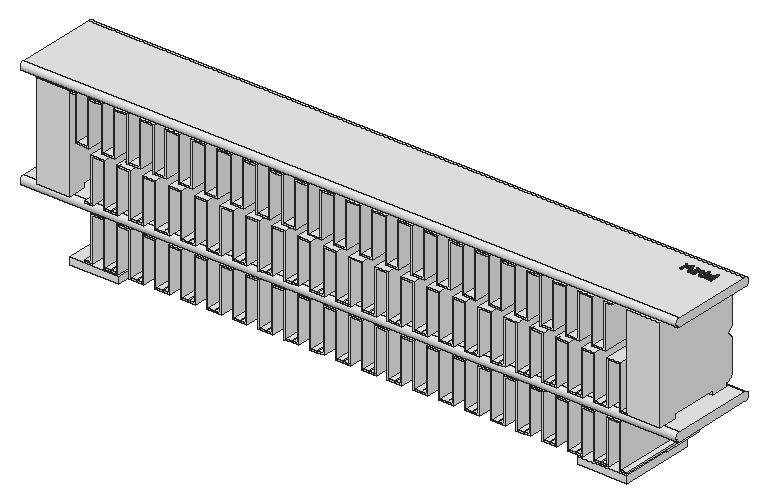
Revit family "Runtal-R3F-1", category Mechanical Equipment, host Face, Revit 2024 (continued)
Definition of nested family "Family Grilles"
  Lines and regions (mm)
    model lines
      curve 393: circle (223.52, 1.27, 0) r 1.27 normal (0, 0, 1)
      curve 394: circle (228.6, 19.05, 0) r 1.27 normal (0, 0, 1)
      curve 395: circle (228.6, 10.16, 0) r 1.27 normal (0, 0, 1)
      curve 396: circle (228.6, 1.27, 0) r 1.27 normal (0, 0, 1)
      curve 397: circle (233.68, 19.05, 0) r 1.27 normal (0, 0, 1)
      curve 398: circle (233.68, 10.16, 0) r 1.27 normal (0, 0, 1)
      curve 399: circle (233.68, 1.27, 0) r 1.27 normal (0, 0, 1)
      curve 400: circle (238.76, 19.05, 0) r 1.27 normal (0, 0, 1)
      curve 401: circle (238.76, 10.16, 0) r 1.27 normal (0, 0, 1)
      curve 402: circle (238.76, 1.27, 0) r 1.27 normal (0, 0, 1)
      curve 403: circle (243.84, 19.05, 0) r 1.27 normal (0, 0, 1)
      curve 404: circle (243.84, 10.16, 0) r 1.27 normal (0, 0, 1)
      curve 405: circle (243.84, 1.27, 0) r 1.27 normal (0, 0, 1)
      curve 406: circle (248.92, 19.05, 0) r 1.27 normal (0, 0, 1)
      curve 407: circle (248.92, 10.16, 0) r 1.27 normal (0, 0, 1)
      curve 408: circle (248.92, 1.27, 0) r 1.27 normal (0, 0, 1)
      curve 409: circle (254, 19.05, 0) r 1.27 normal (0, 0, 1)
      curve 410: circle (254, 10.16, 0) r 1.27 normal (0, 0, 1)
      curve 411: circle (254, 1.27, 0) r 1.27 normal (0, 0, 1)
      curve 412: circle (259.08, 19.05, 0) r 1.27 normal (0, 0, 1)
      curve 413: circle (259.08, 10.16, 0) r 1.27 normal (0, 0, 1)
      curve 414: circle (259.08, 1.27, 0) r 1.27 normal (0, 0, 1)
      curve 415: circle (264.16, 19.05, 0) r 1.27 normal (0, 0, 1)
      curve 416: circle (264.16, 10.16, 0) r 1.27 normal (0, 0, 1)
      curve 417: circle (264.16, 1.27, 0) r 1.27 normal (0, 0, 1)
      curve 418: circle (269.24, 19.05, 0) r 1.27 normal (0, 0, 1)
      curve 419: circle (269.24, 10.16, 0) r 1.27 normal (0, 0, 1)
      curve 420: circle (269.24, 1.27, 0) r 1.27 normal (0, 0, 1)
      curve 421: circle (274.32, 19.05, 0) r 1.27 normal (0, 0, 1)
      curve 422: circle (274.32, 10.16, 0) r 1.27 normal (0, 0, 1)
      curve 423: circle (274.32, 1.27, 0) r 1.27 normal (0, 0, 1)
      curve 424: circle (279.4, 19.05, 0) r 1.27 normal (0, 0, 1)
      curve 425: circle (279.4, 10.16, 0) r 1.27 normal (0, 0, 1)
      curve 426: circle (279.4, 1.27, 0) r 1.27 normal (0, 0, 1)
      curve 427: circle (284.48, 19.05, 0) r 1.27 normal (0, 0, 1)
      curve 428: circle (284.48, 10.16, 0) r 1.27 normal (0, 0, 1)
      curve 429: circle (284.48, 1.27, 0) r 1.27 normal (0, 0, 1)
      curve 430: circle (289.56, 19.05, 0) r 1.27 normal (0, 0, 1)
      curve 431: circle (289.56, 10.16, 0) r 1.27 normal (0, 0, 1)
      curve 432: circle (289.56, 1.27, 0) r 1.27 normal (0, 0, 1)
      curve 433: circle (294.64, 19.05, 0) r 1.27 normal (0, 0, 1)
      curve 434: circle (294.64, 10.16, 0) r 1.27 normal (0, 0, 1)
      curve 435: circle (294.64, 1.27, 0) r 1.27 normal (0, 0, 1)
      curve 436: circle (299.72, 19.05, 0) r 1.27 normal (0, 0, 1)
      curve 437: circle (299.72, 10.16, 0) r 1.27 normal (0, 0, 1)
      curve 438: circle (299.72, 1.27, 0) r 1.27 normal (0, 0, 1)
      curve 439: circle (304.8, 19.05, 0) r 1.27 normal (0, 0, 1)
      curve 440: circle (304.8, 10.16, 0) r 1.27 normal (0, 0, 1)
      curve 441: circle (304.8, 1.27, 0) r 1.27 normal (0, 0, 1)
      curve 442: circle (309.88, 19.05, 0) r 1.27 normal (0, 0, 1)
      curve 443: circle (309.88, 10.16, 0) r 1.27 normal (0, 0, 1)
      curve 444: circle (309.88, 1.27, 0) r 1.27 normal (0, 0, 1)
      curve 445: circle (314.96, 19.05, 0) r 1.27 normal (0, 0, 1)
      curve 446: circle (314.96, 10.16, 0) r 1.27 normal (0, 0, 1)
      curve 447: circle (314.96, 1.27, 0) r 1.27 normal (0, 0, 1)
      curve 448: circle (320.04, 19.05, 0) r 1.27 normal (0, 0, 1)
      curve 449: circle (320.04, 10.16, 0) r 1.27 normal (0, 0, 1)
      curve 450: circle (320.04, 1.27, 0) r 1.27 normal (0, 0, 1)
      curve 451: circle (325.12, 19.05, 0) r 1.27 normal (0, 0, 1)
      curve 452: circle (325.12, 10.16, 0) r 1.27 normal (0, 0, 1)
      curve 453: circle (325.12, 1.27, 0) r 1.27 normal (0, 0, 1)
      curve 454: circle (330.2, 19.05, 0) r 1.27 normal (0, 0, 1)
      curve 455: circle (330.2, 10.16, 0) r 1.27 normal (0, 0, 1)
      curve 456: circle (330.2, 1.27, 0) r 1.27 normal (0, 0, 1)
      curve 457: circle (335.28, 19.05, 0) r 1.27 normal (0, 0, 1)
      curve 458: circle (335.28, 10.16, 0) r 1.27 normal (0, 0, 1)
      curve 459: circle (335.28, 1.27, 0) r 1.27 normal (0, 0, 1)
      curve 460: circle (340.36, 19.05, 0) r 1.27 normal (0, 0, 1)
      curve 461: circle (340.36, 10.16, 0) r 1.27 normal (0, 0, 1)
      curve 462: circle (340.36, 1.27, 0) r 1.27 normal (0, 0, 1)
      curve 463: circle (345.44, 19.05, 0) r 1.27 normal (0, 0, 1)
      curve 464: circle (345.44, 10.16, 0) r 1.27 normal (0, 0, 1)
      curve 465: circle (345.44, 1.27, 0) r 1.27 normal (0, 0, 1)
      curve 466: circle (350.52, 19.05, 0) r 1.27 normal (0, 0, 1)
      curve 467: circle (350.52, 10.16, 0) r 1.27 normal (0, 0, 1)
      curve 468: circle (350.52, 1.27, 0) r 1.27 normal (0, 0, 1)
      curve 469: circle (355.6, 19.05, 0) r 1.27 normal (0, 0, 1)
      curve 470: circle (355.6, 10.16, 0) r 1.27 normal (0, 0, 1)
      curve 471: circle (355.6, 1.27, 0) r 1.27 normal (0, 0, 1)
      curve 472: circle (360.68, 19.05, 0) r 1.27 normal (0, 0, 1)
      curve 473: circle (360.68, 10.16, 0) r 1.27 normal (0, 0, 1)
      curve 474: circle (360.68, 1.27, 0) r 1.27 normal (0, 0, 1)
      curve 475: circle (365.76, 19.05, 0) r 1.27 normal (0, 0, 1)
      curve 476: circle (365.76, 10.16, 0) r 1.27 normal (0, 0, 1)
      curve 477: circle (365.76, 1.27, 0) r 1.27 normal (0, 0, 1)
      curve 478: circle (370.84, 19.05, 0) r 1.27 normal (0, 0, 1)
      curve 479: circle (370.84, 10.16, 0) r 1.27 normal (0, 0, 1)
      curve 480: circle (370.84, 1.27, 0) r 1.27 normal (0, 0, 1)
      curve 481: circle (375.92, 19.05, 0) r 1.27 normal (0, 0, 1)
      curve 482: circle (375.92, 10.16, 0) r 1.27 normal (0, 0, 1)
      curve 483: circle (375.92, 1.27, 0) r 1.27 normal (0, 0, 1)
      curve 484: circle (381, 19.05, 0) r 1.27 normal (0, 0, 1)
      curve 485: circle (381, 10.16, 0) r 1.27 normal (0, 0, 1)
      curve 486: circle (381, 1.27, 0) r 1.27 normal (0, 0, 1)
      curve 487: circle (386.08, 19.05, 0) r 1.27 normal (0, 0, 1)
      curve 488: circle (386.08, 10.16, 0) r 1.27 normal (0, 0, 1)
      curve 489: circle (386.08, 1.27, 0) r 1.27 normal (0, 0, 1)
      curve 490: circle (391.16, 19.05, 0) r 1.27 normal (0, 0, 1)
      curve 491: circle (391.16, 10.16, 0) r 1.27 normal (0, 0, 1)
      curve 492: circle (391.16, 1.27, 0) r 1.27 normal (0, 0, 1)
      curve 493: circle (396.24, 19.05, 0) r 1.27 normal (0, 0, 1)
      curve 494: circle (396.24, 10.16, 0) r 1.27 normal (0, 0, 1)
      curve 495: circle (396.24, 1.27, 0) r 1.27 normal (0, 0, 1)
      curve 496: circle (401.32, 19.05, 0) r 1.27 normal (0, 0, 1)
      curve 497: circle (401.32, 10.16, 0) r 1.27 normal (0, 0, 1)
      curve 498: circle (401.32, 1.27, 0) r 1.27 normal (0, 0, 1)
      curve 499: circle (406.4, 19.05, 0) r 1.27 normal (0, 0, 1)
      curve 500: circle (406.4, 10.16, 0) r 1.27 normal (0, 0, 1)
      curve 501: circle (406.4, 1.27, 0) r 1.27 normal (0, 0, 1)
      curve 502: circle (411.48, 19.05, 0) r 1.27 normal (0, 0, 1)
      curve 503: circle (411.48, 10.16, 0) r 1.27 normal (0, 0, 1)
      curve 504: circle (411.48, 1.27, 0) r 1.27 normal (0, 0, 1)
      curve 505: circle (416.56, 19.05, 0) r 1.27 normal (0, 0, 1)
      curve 506: circle (416.56, 10.16, 0) r 1.27 normal (0, 0, 1)
      curve 507: circle (416.56, 1.27, 0) r 1.27 normal (0, 0, 1)
      curve 508: circle (421.64, 19.05, 0) r 1.27 normal (0, 0, 1)
      curve 509: circle (421.64, 10.16, 0) r 1.27 normal (0, 0, 1)
      curve 510: circle (421.64, 1.27, 0) r 1.27 normal (0, 0, 1)
      curve 511: circle (426.72, 19.05, 0) r 1.27 normal (0, 0, 1)
      curve 512: circle (426.72, 10.16, 0) r 1.27 normal (0, 0, 1)
      curve 513: circle (426.72, 1.27, 0) r 1.27 normal (0, 0, 1)
    model lines, not visible
      curve 7: circle (2.54, 23.495, 0) r 1.27 normal (0, 0, 1)
      curve 8: circle (2.54, 14.605, 0) r 1.27 normal (0, 0, 1)
      curve 9: circle (2.54, 5.715, 0) r 1.27 normal (0, 0, 1)
      curve 10: circle (5.08, 19.05, 0) r 1.27 normal (0, 0, 1)
      curve 11: circle (5.08, 10.16, 0) r 1.27 normal (0, 0, 1)
      curve 12: circle (5.08, 1.27, 0) r 1.27 normal (0, 0, 1)
  Dimensions and locks
    "finLength": plane 3 "Center (Left/Right)" to plane 4
    equal spacing: group 1, group 5, group 9, group 10, group 11, group 12, group 13, group 14, group 15, group 16, group 17, group 18, group 19, group 20, group 21, group 22, group 23, group 24, group 25, group 26, group 27, group 28, group 29, group 30, group 31, group 32, group 33, group 34, group 35, group 36, group 37, group 38, group 39, group 40, group 41, group 42, group 43, group 44, group 45, group 46, group 47, group 48, group 49, group 50, group 51, group 52, group 53, group 54, group 55, group 56, group 57, group 58, group 59, group 60, group 61, group 62, group 63, group 64, group 65, group 66, group 67, group 68, group 69, group 70, group 71, group 72, group 73, group 74, group 75, group 76, group 77, group 78, group 79, group 80, group 81, group 82, group 83, group 84, group 85, group 86, group 87, group 88, group 89, group 90, group 91  (x3)
    equal spacing: group 3, group 6, group 7, group 8, group 92, group 93, group 94, group 95, group 96, group 97, group 98, group 99, group 100, group 101, group 102, group 103, group 104, group 105, group 106, group 107, group 108, group 109, group 110, group 111, group 112, group 113, group 114, group 115, group 116, group 117, group 118, group 119, group 120, group 121, group 122, group 123, group 124, group 125, group 126, group 127, group 128, group 129, group 130, group 131, group 132, group 133, group 134, group 135, group 136, group 137, group 138, group 139, group 140, group 141, group 142, group 143, group 144, group 145, group 146, group 147, group 148, group 149, group 150, group 151, group 152, group 153, group 154, group 155, group 156, group 157, group 158, group 159, group 160, group 161, group 162, group 163, group 164, group 165, group 166, group 167, group 168, group 169, group 170, group 171  (x3)
    aligned and locked: plane 2 to Extrusion 1
    aligned and locked: level to Extrusion 1
  Automatic sketch dimensions
    Extrusion 1 sketch curve to Extrusion 1 sketch curve = 2438.400 mm  (x2)
    curve 1 to curve 2 = 0.000 mm
    curve 2 to curve 1 = 8.890 mm
    curve 3 to curve 2 = 0.000 mm
    curve 3 to curve 2 = 8.890 mm
    curve 7 to curve 8 = 0.000 mm
    curve 8 to curve 7 = 8.890 mm
    curve 9 to curve 8 = 0.000 mm
    curve 9 to curve 8 = 8.890 mm
    curve 4 to curve 5 = 0.000 mm
    curve 5 to curve 4 = 8.890 mm
    curve 6 to curve 5 = 0.000 mm
    curve 6 to curve 5 = 8.890 mm
    curve 10 to curve 11 = 0.000 mm
    curve 11 to curve 10 = 8.890 mm
    curve 12 to curve 11 = 0.000 mm
    curve 12 to curve 11 = 8.890 mm
    curve 13 to curve 14 = 0.000 mm
    curve 14 to curve 13 = 8.890 mm
    curve 15 to curve 14 = 0.000 mm
    curve 15 to curve 14 = 8.890 mm
    curve 16 to curve 17 = 0.000 mm
    curve 17 to curve 16 = 8.890 mm
    curve 18 to curve 17 = 0.000 mm
    curve 18 to curve 17 = 8.890 mm
    curve 19 to curve 20 = 0.000 mm
    curve 20 to curve 19 = 8.890 mm
    curve 21 to curve 20 = 0.000 mm
    curve 21 to curve 20 = 8.890 mm
    curve 22 to curve 23 = 0.000 mm
    curve 23 to curve 22 = 8.890 mm
    curve 24 to curve 23 = 0.000 mm
    curve 24 to curve 23 = 8.890 mm
    curve 25 to curve 26 = 0.000 mm
    curve 26 to curve 25 = 8.890 mm
    curve 27 to curve 26 = 0.000 mm
    curve 27 to curve 26 = 8.890 mm
    curve 28 to curve 29 = 0.000 mm
    curve 29 to curve 28 = 8.890 mm
    curve 30 to curve 29 = 0.000 mm
    curve 30 to curve 29 = 8.890 mm
    curve 31 to curve 32 = 0.000 mm
    curve 32 to curve 31 = 8.890 mm
    curve 33 to curve 32 = 0.000 mm
    curve 33 to curve 32 = 8.890 mm
    curve 34 to curve 35 = 0.000 mm
    curve 35 to curve 34 = 8.890 mm
    curve 36 to curve 35 = 0.000 mm
    curve 36 to curve 35 = 8.890 mm
    curve 37 to curve 38 = 0.000 mm
    curve 38 to curve 37 = 8.890 mm
    curve 39 to curve 38 = 0.000 mm
    curve 39 to curve 38 = 8.890 mm
    curve 40 to curve 41 = 0.000 mm
    curve 41 to curve 40 = 8.890 mm
    curve 42 to curve 41 = 0.000 mm
    curve 42 to curve 41 = 8.890 mm
    curve 43 to curve 44 = 0.000 mm
    curve 44 to curve 43 = 8.890 mm
    curve 45 to curve 44 = 0.000 mm
    curve 45 to curve 44 = 8.890 mm
    curve 46 to curve 47 = 0.000 mm
    curve 47 to curve 46 = 8.890 mm
    curve 48 to curve 47 = 0.000 mm
    curve 48 to curve 47 = 8.890 mm
    curve 49 to curve 50 = 0.000 mm
    curve 50 to curve 49 = 8.890 mm
    curve 51 to curve 50 = 0.000 mm
    curve 51 to curve 50 = 8.890 mm
    curve 52 to curve 53 = 0.000 mm
    curve 53 to curve 52 = 8.890 mm
    curve 54 to curve 53 = 0.000 mm
    curve 54 to curve 53 = 8.890 mm
    curve 55 to curve 56 = 0.000 mm
    curve 56 to curve 55 = 8.890 mm
    curve 57 to curve 56 = 0.000 mm
    curve 57 to curve 56 = 8.890 mm
    curve 58 to curve 59 = 0.000 mm
    curve 59 to curve 58 = 8.890 mm
    curve 60 to curve 59 = 0.000 mm
    curve 60 to curve 59 = 8.890 mm
    curve 61 to curve 62 = 0.000 mm
    curve 62 to curve 61 = 8.890 mm
    curve 63 to curve 62 = 0.000 mm
    curve 63 to curve 62 = 8.890 mm
    curve 64 to curve 65 = 0.000 mm
    curve 65 to curve 64 = 8.890 mm
    curve 66 to curve 65 = 0.000 mm
    curve 66 to curve 65 = 8.890 mm
    curve 67 to curve 68 = 0.000 mm
    curve 68 to curve 67 = 8.890 mm
    curve 69 to curve 68 = 0.000 mm
    curve 69 to curve 68 = 8.890 mm
    curve 70 to curve 71 = 0.000 mm
    curve 71 to curve 70 = 8.890 mm
    curve 72 to curve 71 = 0.000 mm
    curve 72 to curve 71 = 8.890 mm
    curve 73 to curve 74 = 0.000 mm
    curve 74 to curve 73 = 8.890 mm
    curve 75 to curve 74 = 0.000 mm
    curve 75 to curve 74 = 8.890 mm
    curve 76 to curve 77 = 0.000 mm
    curve 77 to curve 76 = 8.890 mm
    curve 78 to curve 77 = 0.000 mm
    curve 78 to curve 77 = 8.890 mm
    curve 79 to curve 80 = 0.000 mm
    curve 80 to curve 79 = 8.890 mm
    curve 81 to curve 80 = 0.000 mm
    curve 81 to curve 80 = 8.890 mm
    curve 82 to curve 83 = 0.000 mm
    curve 83 to curve 82 = 8.890 mm
    curve 84 to curve 83 = 0.000 mm
    curve 84 to curve 83 = 8.890 mm
    curve 85 to curve 86 = 0.000 mm
    curve 86 to curve 85 = 8.890 mm
    curve 87 to curve 86 = 0.000 mm
    curve 87 to curve 86 = 8.890 mm
    curve 88 to curve 89 = 0.000 mm
    curve 89 to curve 88 = 8.890 mm
    curve 90 to curve 89 = 0.000 mm
    curve 90 to curve 89 = 8.890 mm
    curve 91 to curve 92 = 0.000 mm
    curve 92 to curve 91 = 8.890 mm
    curve 93 to curve 92 = 0.000 mm
    curve 93 to curve 92 = 8.890 mm
    curve 94 to curve 95 = 0.000 mm
    curve 95 to curve 94 = 8.890 mm
    curve 96 to curve 95 = 0.000 mm
    curve 96 to curve 95 = 8.890 mm
    curve 97 to curve 98 = 0.000 mm
    curve 98 to curve 97 = 8.890 mm
    curve 99 to curve 98 = 0.000 mm
    curve 99 to curve 98 = 8.890 mm
    curve 100 to curve 101 = 0.000 mm
    curve 101 to curve 100 = 8.890 mm
    curve 102 to curve 101 = 0.000 mm
    curve 102 to curve 101 = 8.890 mm
    curve 103 to curve 104 = 0.000 mm
    curve 104 to curve 103 = 8.890 mm
    curve 105 to curve 104 = 0.000 mm
    curve 105 to curve 104 = 8.890 mm
    curve 106 to curve 107 = 0.000 mm
    curve 107 to curve 106 = 8.890 mm
    curve 108 to curve 107 = 0.000 mm
    curve 108 to curve 107 = 8.890 mm
    curve 109 to curve 110 = 0.000 mm
    curve 110 to curve 109 = 8.890 mm
    curve 111 to curve 110 = 0.000 mm
    curve 111 to curve 110 = 8.890 mm
    curve 112 to curve 113 = 0.000 mm
    curve 113 to curve 112 = 8.890 mm
    curve 114 to curve 113 = 0.000 mm
    curve 114 to curve 113 = 8.890 mm
    curve 115 to curve 116 = 0.000 mm
    curve 116 to curve 115 = 8.890 mm
    curve 117 to curve 116 = 0.000 mm
    curve 117 to curve 116 = 8.890 mm
    curve 118 to curve 119 = 0.000 mm
    curve 119 to curve 118 = 8.890 mm
    curve 120 to curve 119 = 0.000 mm
    curve 120 to curve 119 = 8.890 mm
    curve 121 to curve 122 = 0.000 mm
    curve 122 to curve 121 = 8.890 mm
    curve 123 to curve 122 = 0.000 mm
    curve 123 to curve 122 = 8.890 mm
    curve 124 to curve 125 = 0.000 mm
    curve 125 to curve 124 = 8.890 mm
    curve 126 to curve 125 = 0.000 mm
    curve 126 to curve 125 = 8.890 mm
    curve 127 to curve 128 = 0.000 mm
    curve 128 to curve 127 = 8.890 mm
    curve 129 to curve 128 = 0.000 mm
    curve 129 to curve 128 = 8.890 mm
    curve 130 to curve 131 = 0.000 mm
    curve 131 to curve 130 = 8.890 mm
    curve 132 to curve 131 = 0.000 mm
    curve 132 to curve 131 = 8.890 mm
    curve 133 to curve 134 = 0.000 mm
    curve 134 to curve 133 = 8.890 mm
    curve 135 to curve 134 = 0.000 mm
    curve 135 to curve 134 = 8.890 mm
    curve 136 to curve 137 = 0.000 mm
    curve 137 to curve 136 = 8.890 mm
    curve 138 to curve 137 = 0.000 mm
    curve 138 to curve 137 = 8.890 mm
    curve 139 to curve 140 = 0.000 mm
    curve 140 to curve 139 = 8.890 mm
    curve 141 to curve 140 = 0.000 mm
    curve 141 to curve 140 = 8.890 mm
    curve 142 to curve 143 = 0.000 mm
    curve 143 to curve 142 = 8.890 mm
    curve 144 to curve 143 = 0.000 mm
    curve 144 to curve 143 = 8.890 mm
    curve 145 to curve 146 = 0.000 mm
    curve 146 to curve 145 = 8.890 mm
    curve 147 to curve 146 = 0.000 mm
    curve 147 to curve 146 = 8.890 mm
    curve 148 to curve 149 = 0.000 mm
    curve 149 to curve 148 = 8.890 mm
    curve 150 to curve 149 = 0.000 mm
    curve 150 to curve 149 = 8.890 mm
    curve 151 to curve 152 = 0.000 mm
    curve 152 to curve 151 = 8.890 mm
    curve 153 to curve 152 = 0.000 mm
    curve 153 to curve 152 = 8.890 mm
    curve 154 to curve 155 = 0.000 mm
    curve 155 to curve 154 = 8.890 mm
    curve 156 to curve 155 = 0.000 mm
    curve 156 to curve 155 = 8.890 mm
    curve 157 to curve 158 = 0.000 mm
    curve 158 to curve 157 = 8.890 mm
    curve 159 to curve 158 = 0.000 mm
    curve 159 to curve 158 = 8.890 mm
    curve 160 to curve 161 = 0.000 mm
    curve 161 to curve 160 = 8.890 mm
    curve 162 to curve 161 = 0.000 mm
    curve 162 to curve 161 = 8.890 mm
    curve 163 to curve 164 = 0.000 mm
    curve 164 to curve 163 = 8.890 mm
    curve 165 to curve 164 = 0.000 mm
    curve 165 to curve 164 = 8.890 mm
    curve 166 to curve 167 = 0.000 mm
    curve 167 to curve 166 = 8.890 mm
    curve 168 to curve 167 = 0.000 mm
    curve 168 to curve 167 = 8.890 mm
    curve 169 to curve 170 = 0.000 mm
    curve 170 to curve 169 = 8.890 mm
    curve 171 to curve 170 = 0.000 mm
    curve 171 to curve 170 = 8.890 mm
    curve 172 to curve 173 = 0.000 mm
    curve 173 to curve 172 = 8.890 mm
    curve 174 to curve 173 = 0.000 mm
    curve 174 to curve 173 = 8.890 mm
    curve 175 to curve 176 = 0.000 mm
    curve 176 to curve 175 = 8.890 mm
    curve 177 to curve 176 = 0.000 mm
    curve 177 to curve 176 = 8.890 mm
    curve 178 to curve 179 = 0.000 mm
    curve 179 to curve 178 = 8.890 mm
    curve 180 to curve 179 = 0.000 mm
    curve 180 to curve 179 = 8.890 mm
    curve 181 to curve 182 = 0.000 mm
    curve 182 to curve 181 = 8.890 mm
    curve 183 to curve 182 = 0.000 mm
    curve 183 to curve 182 = 8.890 mm
    curve 184 to curve 185 = 0.000 mm
    curve 185 to curve 184 = 8.890 mm
    curve 186 to curve 185 = 0.000 mm
    curve 186 to curve 185 = 8.890 mm
    curve 187 to curve 188 = 0.000 mm
    curve 188 to curve 187 = 8.890 mm
    curve 189 to curve 188 = 0.000 mm
    curve 189 to curve 188 = 8.890 mm
    curve 190 to curve 191 = 0.000 mm
    curve 191 to curve 190 = 8.890 mm
    curve 192 to curve 191 = 0.000 mm
    curve 192 to curve 191 = 8.890 mm
    curve 193 to curve 194 = 0.000 mm
    curve 194 to curve 193 = 8.890 mm
    curve 195 to curve 194 = 0.000 mm
    curve 195 to curve 194 = 8.890 mm
    curve 196 to curve 197 = 0.000 mm
    curve 197 to curve 196 = 8.890 mm
    curve 198 to curve 197 = 0.000 mm
    curve 198 to curve 197 = 8.890 mm
    curve 199 to curve 200 = 0.000 mm
    curve 200 to curve 199 = 8.890 mm
    curve 201 to curve 200 = 0.000 mm
    curve 201 to curve 200 = 8.890 mm
    curve 202 to curve 203 = 0.000 mm
    curve 203 to curve 202 = 8.890 mm
    curve 204 to curve 203 = 0.000 mm
    curve 204 to curve 203 = 8.890 mm
    curve 205 to curve 206 = 0.000 mm
    curve 206 to curve 205 = 8.890 mm
    curve 207 to curve 206 = 0.000 mm
    curve 207 to curve 206 = 8.890 mm
    curve 208 to curve 209 = 0.000 mm
    curve 209 to curve 208 = 8.890 mm
    curve 210 to curve 209 = 0.000 mm
    curve 210 to curve 209 = 8.890 mm
    curve 211 to curve 212 = 0.000 mm
    curve 212 to curve 211 = 8.890 mm
    curve 213 to curve 212 = 0.000 mm
    curve 213 to curve 212 = 8.890 mm
    curve 214 to curve 215 = 0.000 mm
    curve 215 to curve 214 = 8.890 mm
    curve 216 to curve 215 = 0.000 mm
    curve 216 to curve 215 = 8.890 mm
    curve 217 to curve 218 = 0.000 mm
    curve 218 to curve 217 = 8.890 mm
    curve 219 to curve 218 = 0.000 mm
    curve 219 to curve 218 = 8.890 mm
    curve 220 to curve 221 = 0.000 mm
    curve 221 to curve 220 = 8.890 mm
    curve 222 to curve 221 = 0.000 mm
    curve 222 to curve 221 = 8.890 mm
    curve 223 to curve 224 = 0.000 mm
    curve 224 to curve 223 = 8.890 mm
    curve 225 to curve 224 = 0.000 mm
    curve 225 to curve 224 = 8.890 mm
    curve 226 to curve 227 = 0.000 mm
    curve 227 to curve 226 = 8.890 mm
    curve 228 to curve 227 = 0.000 mm
    curve 228 to curve 227 = 8.890 mm
    curve 229 to curve 230 = 0.000 mm
    curve 230 to curve 229 = 8.890 mm
    curve 231 to curve 230 = 0.000 mm
    curve 231 to curve 230 = 8.890 mm
    curve 232 to curve 233 = 0.000 mm
    curve 233 to curve 232 = 8.890 mm
    curve 234 to curve 233 = 0.000 mm
    curve 234 to curve 233 = 8.890 mm
    curve 235 to curve 236 = 0.000 mm
    curve 236 to curve 235 = 8.890 mm
    curve 237 to curve 236 = 0.000 mm
    curve 237 to curve 236 = 8.890 mm
    curve 238 to curve 239 = 0.000 mm
    curve 239 to curve 238 = 8.890 mm
    curve 240 to curve 239 = 0.000 mm
    curve 240 to curve 239 = 8.890 mm
    curve 241 to curve 242 = 0.000 mm
    curve 242 to curve 241 = 8.890 mm
    curve 243 to curve 242 = 0.000 mm
    curve 243 to curve 242 = 8.890 mm
    curve 244 to curve 245 = 0.000 mm
    curve 245 to curve 244 = 8.890 mm
    curve 246 to curve 245 = 0.000 mm
    curve 246 to curve 245 = 8.890 mm
    curve 247 to curve 248 = 0.000 mm
    curve 248 to curve 247 = 8.890 mm
    curve 249 to curve 248 = 0.000 mm
    curve 249 to curve 248 = 8.890 mm
    curve 250 to curve 251 = 0.000 mm
    curve 251 to curve 250 = 8.890 mm
    curve 252 to curve 251 = 0.000 mm
    curve 252 to curve 251 = 8.890 mm
    curve 253 to curve 254 = 0.000 mm
    curve 254 to curve 253 = 8.890 mm
    curve 255 to curve 254 = 0.000 mm
    curve 255 to curve 254 = 8.890 mm
    curve 256 to curve 257 = 0.000 mm
    curve 257 to curve 256 = 8.890 mm
    curve 258 to curve 257 = 0.000 mm
    curve 258 to curve 257 = 8.890 mm
    curve 259 to curve 260 = 0.000 mm
    curve 260 to curve 259 = 8.890 mm
    curve 261 to curve 260 = 0.000 mm
    curve 261 to curve 260 = 8.890 mm
    curve 262 to curve 263 = 0.000 mm
    curve 263 to curve 262 = 8.890 mm
    curve 264 to curve 263 = 0.000 mm
    curve 264 to curve 263 = 8.890 mm
    curve 265 to curve 266 = 0.000 mm
    curve 266 to curve 265 = 8.890 mm
    curve 267 to curve 266 = 0.000 mm
    curve 267 to curve 266 = 8.890 mm
    curve 268 to curve 269 = 0.000 mm
    curve 269 to curve 268 = 8.890 mm
    curve 270 to curve 269 = 0.000 mm
    curve 270 to curve 269 = 8.890 mm
    curve 271 to curve 272 = 0.000 mm
    curve 272 to curve 271 = 8.890 mm
    curve 273 to curve 272 = 0.000 mm
    curve 273 to curve 272 = 8.890 mm
    curve 274 to curve 275 = 0.000 mm
    curve 275 to curve 274 = 8.890 mm
    curve 276 to curve 275 = 0.000 mm
    curve 276 to curve 275 = 8.890 mm
    curve 277 to curve 278 = 0.000 mm
    curve 278 to curve 277 = 8.890 mm
    curve 279 to curve 278 = 0.000 mm
    curve 279 to curve 278 = 8.890 mm
    curve 280 to curve 281 = 0.000 mm
    curve 281 to curve 280 = 8.890 mm
    curve 282 to curve 281 = 0.000 mm
    curve 282 to curve 281 = 8.890 mm
    curve 283 to curve 284 = 0.000 mm
    curve 284 to curve 283 = 8.890 mm
    curve 285 to curve 284 = 0.000 mm
    curve 285 to curve 284 = 8.890 mm
    curve 286 to curve 287 = 0.000 mm
    curve 287 to curve 286 = 8.890 mm
    curve 288 to curve 287 = 0.000 mm
    curve 288 to curve 287 = 8.890 mm
    curve 289 to curve 290 = 0.000 mm
    curve 290 to curve 289 = 8.890 mm
    curve 291 to curve 290 = 0.000 mm
    curve 291 to curve 290 = 8.890 mm
    curve 292 to curve 293 = 0.000 mm
    curve 293 to curve 292 = 8.890 mm
    curve 294 to curve 293 = 0.000 mm
    curve 294 to curve 293 = 8.890 mm
    curve 295 to curve 296 = 0.000 mm
    curve 296 to curve 295 = 8.890 mm
    curve 297 to curve 296 = 0.000 mm
    curve 297 to curve 296 = 8.890 mm
    curve 298 to curve 299 = 0.000 mm
    curve 299 to curve 298 = 8.890 mm
    curve 300 to curve 299 = 0.000 mm
    curve 300 to curve 299 = 8.890 mm
    curve 301 to curve 302 = 0.000 mm
    curve 302 to curve 301 = 8.890 mm
    curve 303 to curve 302 = 0.000 mm
    curve 303 to curve 302 = 8.890 mm
    curve 304 to curve 305 = 0.000 mm
    curve 305 to curve 304 = 8.890 mm
    curve 306 to curve 305 = 0.000 mm
    curve 306 to curve 305 = 8.890 mm
    curve 307 to curve 308 = 0.000 mm
    curve 308 to curve 307 = 8.890 mm
    curve 309 to curve 308 = 0.000 mm
    curve 309 to curve 308 = 8.890 mm
    curve 310 to curve 311 = 0.000 mm
    curve 311 to curve 310 = 8.890 mm
    curve 312 to curve 311 = 0.000 mm
    curve 312 to curve 311 = 8.890 mm
    curve 313 to curve 314 = 0.000 mm
    curve 314 to curve 313 = 8.890 mm
    curve 315 to curve 314 = 0.000 mm
    curve 315 to curve 314 = 8.890 mm
    curve 316 to curve 317 = 0.000 mm
    curve 317 to curve 316 = 8.890 mm
    curve 318 to curve 317 = 0.000 mm
    curve 318 to curve 317 = 8.890 mm
    curve 319 to curve 320 = 0.000 mm
    curve 320 to curve 319 = 8.890 mm
    curve 321 to curve 320 = 0.000 mm
    curve 321 to curve 320 = 8.890 mm
    curve 322 to curve 323 = 0.000 mm
    curve 323 to curve 322 = 8.890 mm
    curve 324 to curve 323 = 0.000 mm
    curve 324 to curve 323 = 8.890 mm
    curve 325 to curve 326 = 0.000 mm
    curve 326 to curve 325 = 8.890 mm
    curve 327 to curve 326 = 0.000 mm
    curve 327 to curve 326 = 8.890 mm
    curve 328 to curve 329 = 0.000 mm
    curve 329 to curve 328 = 8.890 mm
    curve 330 to curve 329 = 0.000 mm
    curve 330 to curve 329 = 8.890 mm
    curve 331 to curve 332 = 0.000 mm
    curve 332 to curve 331 = 8.890 mm
    curve 333 to curve 332 = 0.000 mm
    curve 333 to curve 332 = 8.890 mm
    curve 334 to curve 335 = 0.000 mm
    curve 335 to curve 334 = 8.890 mm
    curve 336 to curve 335 = 0.000 mm
    curve 336 to curve 335 = 8.890 mm
    curve 337 to curve 338 = 0.000 mm
    curve 338 to curve 337 = 8.890 mm
    curve 339 to curve 338 = 0.000 mm
    curve 339 to curve 338 = 8.890 mm
    curve 340 to curve 341 = 0.000 mm
    curve 341 to curve 340 = 8.890 mm
    curve 342 to curve 341 = 0.000 mm
    curve 342 to curve 341 = 8.890 mm
    curve 343 to curve 344 = 0.000 mm
    curve 344 to curve 343 = 8.890 mm
    curve 345 to curve 344 = 0.000 mm
    curve 345 to curve 344 = 8.890 mm
    curve 346 to curve 347 = 0.000 mm
    curve 347 to curve 346 = 8.890 mm
    curve 348 to curve 347 = 0.000 mm
    curve 348 to curve 347 = 8.890 mm
    curve 349 to curve 350 = 0.000 mm
    curve 350 to curve 349 = 8.890 mm
    curve 351 to curve 350 = 0.000 mm
    curve 351 to curve 350 = 8.890 mm
    curve 352 to curve 353 = 0.000 mm
    curve 353 to curve 352 = 8.890 mm
    curve 354 to curve 353 = 0.000 mm
    curve 354 to curve 353 = 8.890 mm
    curve 355 to curve 356 = 0.000 mm
    curve 356 to curve 355 = 8.890 mm
    curve 357 to curve 356 = 0.000 mm
    curve 357 to curve 356 = 8.890 mm
    curve 358 to curve 359 = 0.000 mm
    curve 359 to curve 358 = 8.890 mm
    curve 360 to curve 359 = 0.000 mm
    curve 360 to curve 359 = 8.890 mm
    curve 361 to curve 362 = 0.000 mm
    curve 362 to curve 361 = 8.890 mm
    curve 363 to curve 362 = 0.000 mm
    curve 363 to curve 362 = 8.890 mm
    curve 364 to curve 365 = 0.000 mm
    curve 365 to curve 364 = 8.890 mm
    curve 366 to curve 365 = 0.000 mm
    curve 366 to curve 365 = 8.890 mm
    curve 367 to curve 368 = 0.000 mm
    curve 368 to curve 367 = 8.890 mm
    curve 369 to curve 368 = 0.000 mm
    curve 369 to curve 368 = 8.890 mm
    curve 370 to curve 371 = 0.000 mm
    curve 371 to curve 370 = 8.890 mm
    curve 372 to curve 371 = 0.000 mm
    curve 372 to curve 371 = 8.890 mm
    curve 373 to curve 374 = 0.000 mm
    curve 374 to curve 373 = 8.890 mm
    curve 375 to curve 374 = 0.000 mm
    curve 375 to curve 374 = 8.890 mm
    curve 376 to curve 377 = 0.000 mm
    curve 377 to curve 376 = 8.890 mm
    curve 378 to curve 377 = 0.000 mm
    curve 378 to curve 377 = 8.890 mm
    curve 379 to curve 380 = 0.000 mm
    curve 380 to curve 379 = 8.890 mm
    curve 381 to curve 380 = 0.000 mm
    curve 381 to curve 380 = 8.890 mm
    curve 382 to curve 383 = 0.000 mm
    curve 383 to curve 382 = 8.890 mm
    curve 384 to curve 383 = 0.000 mm
    curve 384 to curve 383 = 8.890 mm
    curve 385 to curve 386 = 0.000 mm
    curve 386 to curve 385 = 8.890 mm
    curve 387 to curve 386 = 0.000 mm
    curve 387 to curve 386 = 8.890 mm
    curve 388 to curve 389 = 0.000 mm
    curve 389 to curve 388 = 8.890 mm
    curve 390 to curve 389 = 0.000 mm
    curve 390 to curve 389 = 8.890 mm
    curve 391 to curve 392 = 0.000 mm
    curve 392 to curve 391 = 8.890 mm
    curve 393 to curve 392 = 0.000 mm
    curve 393 to curve 392 = 8.890 mm
    curve 394 to curve 395 = 0.000 mm
    curve 395 to curve 394 = 8.890 mm
    curve 396 to curve 395 = 0.000 mm
    curve 396 to curve 395 = 8.890 mm
    curve 397 to curve 398 = 0.000 mm
    curve 398 to curve 397 = 8.890 mm
    curve 399 to curve 398 = 0.000 mm
    curve 399 to curve 398 = 8.890 mm
    curve 400 to curve 401 = 0.000 mm
    curve 401 to curve 400 = 8.890 mm
    curve 402 to curve 401 = 0.000 mm
    curve 402 to curve 401 = 8.890 mm
    curve 403 to curve 404 = 0.000 mm
    curve 404 to curve 403 = 8.890 mm
    curve 405 to curve 404 = 0.000 mm
    curve 405 to curve 404 = 8.890 mm
    curve 406 to curve 407 = 0.000 mm
    curve 407 to curve 406 = 8.890 mm
    curve 408 to curve 407 = 0.000 mm
    curve 408 to curve 407 = 8.890 mm
    curve 409 to curve 410 = 0.000 mm
    curve 410 to curve 409 = 8.890 mm
    curve 411 to curve 410 = 0.000 mm
    curve 411 to curve 410 = 8.890 mm
    curve 412 to curve 413 = 0.000 mm
    curve 413 to curve 412 = 8.890 mm
    curve 414 to curve 413 = 0.000 mm
    curve 414 to curve 413 = 8.890 mm
    curve 415 to curve 416 = 0.000 mm
    curve 416 to curve 415 = 8.890 mm
    curve 417 to curve 416 = 0.000 mm
    curve 417 to curve 416 = 8.890 mm
    curve 418 to curve 419 = 0.000 mm
    curve 419 to curve 418 = 8.890 mm
    curve 420 to curve 419 = 0.000 mm
    curve 420 to curve 419 = 8.890 mm
    curve 421 to curve 422 = 0.000 mm
    curve 422 to curve 421 = 8.890 mm
    curve 423 to curve 422 = 0.000 mm
    curve 423 to curve 422 = 8.890 mm
    curve 424 to curve 425 = 0.000 mm
    curve 425 to curve 424 = 8.890 mm
    curve 426 to curve 425 = 0.000 mm
    curve 426 to curve 425 = 8.890 mm
    curve 427 to curve 428 = 0.000 mm
    curve 428 to curve 427 = 8.890 mm
    curve 429 to curve 428 = 0.000 mm
    curve 429 to curve 428 = 8.890 mm
    curve 430 to curve 431 = 0.000 mm
    curve 431 to curve 430 = 8.890 mm
    curve 432 to curve 431 = 0.000 mm
    curve 432 to curve 431 = 8.890 mm
    curve 433 to curve 434 = 0.000 mm
    curve 434 to curve 433 = 8.890 mm
    curve 435 to curve 434 = 0.000 mm
    curve 435 to curve 434 = 8.890 mm
    curve 436 to curve 437 = 0.000 mm
    curve 437 to curve 436 = 8.890 mm
    curve 438 to curve 437 = 0.000 mm
    curve 438 to curve 437 = 8.890 mm
    curve 439 to curve 440 = 0.000 mm
    curve 440 to curve 439 = 8.890 mm
    curve 441 to curve 440 = 0.000 mm
    curve 441 to curve 440 = 8.890 mm
    curve 442 to curve 443 = 0.000 mm
    curve 443 to curve 442 = 8.890 mm
    curve 444 to curve 443 = 0.000 mm
    curve 444 to curve 443 = 8.890 mm
    curve 445 to curve 446 = 0.000 mm
    curve 446 to curve 445 = 8.890 mm
    curve 447 to curve 446 = 0.000 mm
    curve 447 to curve 446 = 8.890 mm
    curve 448 to curve 449 = 0.000 mm
    curve 449 to curve 448 = 8.890 mm
    curve 450 to curve 449 = 0.000 mm
    curve 450 to curve 449 = 8.890 mm
    curve 451 to curve 452 = 0.000 mm
    curve 452 to curve 451 = 8.890 mm
    curve 453 to curve 452 = 0.000 mm
    curve 453 to curve 452 = 8.890 mm
    curve 454 to curve 455 = 0.000 mm
    curve 455 to curve 454 = 8.890 mm
    curve 456 to curve 455 = 0.000 mm
    curve 456 to curve 455 = 8.890 mm
    curve 457 to curve 458 = 0.000 mm
    curve 458 to curve 457 = 8.890 mm
    curve 459 to curve 458 = 0.000 mm
    curve 459 to curve 458 = 8.890 mm
    curve 460 to curve 461 = 0.000 mm
    curve 461 to curve 460 = 8.890 mm
    curve 462 to curve 461 = 0.000 mm
    curve 462 to curve 461 = 8.890 mm
    curve 463 to curve 464 = 0.000 mm
    curve 464 to curve 463 = 8.890 mm
    curve 465 to curve 464 = 0.000 mm
    curve 465 to curve 464 = 8.890 mm
    curve 466 to curve 467 = 0.000 mm
    curve 467 to curve 466 = 8.890 mm
    curve 468 to curve 467 = 0.000 mm
    curve 468 to curve 467 = 8.890 mm
    curve 469 to curve 470 = 0.000 mm
    curve 470 to curve 469 = 8.890 mm
    curve 471 to curve 470 = 0.000 mm
    curve 471 to curve 470 = 8.890 mm
    curve 472 to curve 473 = 0.000 mm
    curve 473 to curve 472 = 8.890 mm
    curve 474 to curve 473 = 0.000 mm
    curve 474 to curve 473 = 8.890 mm
    curve 475 to curve 476 = 0.000 mm
    curve 476 to curve 475 = 8.890 mm
    curve 477 to curve 476 = 0.000 mm
    curve 477 to curve 476 = 8.890 mm
    curve 478 to curve 479 = 0.000 mm
    curve 479 to curve 478 = 8.890 mm
    curve 480 to curve 479 = 0.000 mm
    curve 480 to curve 479 = 8.890 mm
    curve 481 to curve 482 = 0.000 mm
    curve 482 to curve 481 = 8.890 mm
    curve 483 to curve 482 = 0.000 mm
    curve 483 to curve 482 = 8.890 mm
    curve 484 to curve 485 = 0.000 mm
    curve 485 to curve 484 = 8.890 mm
    curve 486 to curve 485 = 0.000 mm
    curve 486 to curve 485 = 8.890 mm
    curve 487 to curve 488 = 0.000 mm
    curve 488 to curve 487 = 8.890 mm
    curve 489 to curve 488 = 0.000 mm
    curve 489 to curve 488 = 8.890 mm
    curve 490 to curve 491 = 0.000 mm
    curve 491 to curve 490 = 8.890 mm
    curve 492 to curve 491 = 0.000 mm
    curve 492 to curve 491 = 8.890 mm
    curve 493 to curve 494 = 0.000 mm
    curve 494 to curve 493 = 8.890 mm
    curve 495 to curve 494 = 0.000 mm
    curve 495 to curve 494 = 8.890 mm
    curve 496 to curve 497 = 0.000 mm
    curve 497 to curve 496 = 8.890 mm
    curve 498 to curve 497 = 0.000 mm
    curve 498 to curve 497 = 8.890 mm
    curve 499 to curve 500 = 0.000 mm
    curve 500 to curve 499 = 8.890 mm
    curve 501 to curve 500 = 0.000 mm
    curve 501 to curve 500 = 8.890 mm
    curve 502 to curve 503 = 0.000 mm
    curve 503 to curve 502 = 8.890 mm
    curve 504 to curve 503 = 0.000 mm
    curve 504 to curve 503 = 8.890 mm
    curve 505 to curve 506 = 0.000 mm
    curve 506 to curve 505 = 8.890 mm
    curve 507 to curve 506 = 0.000 mm
    curve 507 to curve 506 = 8.890 mm
    curve 508 to curve 509 = 0.000 mm
    curve 509 to curve 508 = 8.890 mm
    curve 510 to curve 509 = 0.000 mm
    curve 510 to curve 509 = 8.890 mm
    curve 511 to curve 512 = 0.000 mm
    curve 512 to curve 511 = 8.890 mm
    curve 513 to curve 512 = 0.000 mm
    curve 513 to curve 512 = 8.890 mm
    radius of curve 1 = 1.270 mm
    radius of curve 2 = 1.270 mm
    radius of curve 3 = 1.270 mm
    radius of curve 7 = 1.270 mm
    radius of curve 8 = 1.270 mm
    radius of curve 9 = 1.270 mm
    radius of curve 4 = 1.270 mm
    radius of curve 5 = 1.270 mm
    radius of curve 6 = 1.270 mm
    radius of curve 10 = 1.270 mm
    radius of curve 11 = 1.270 mm
    radius of curve 12 = 1.270 mm
    radius of curve 13 = 1.270 mm
    radius of curve 14 = 1.270 mm
    radius of curve 15 = 1.270 mm
    radius of curve 16 = 1.270 mm
    radius of curve 17 = 1.270 mm
    radius of curve 18 = 1.270 mm
    radius of curve 19 = 1.270 mm
    radius of curve 20 = 1.270 mm
    radius of curve 21 = 1.270 mm
    radius of curve 22 = 1.270 mm
    radius of curve 23 = 1.270 mm
    radius of curve 24 = 1.270 mm
    radius of curve 25 = 1.270 mm
    radius of curve 26 = 1.270 mm
    radius of curve 27 = 1.270 mm
    radius of curve 28 = 1.270 mm
    radius of curve 29 = 1.270 mm
    radius of curve 30 = 1.270 mm
    radius of curve 31 = 1.270 mm
    radius of curve 32 = 1.270 mm
    radius of curve 33 = 1.270 mm
    radius of curve 34 = 1.270 mm
    radius of curve 35 = 1.270 mm
    radius of curve 36 = 1.270 mm
    radius of curve 37 = 1.270 mm
    radius of curve 38 = 1.270 mm
    radius of curve 39 = 1.270 mm
    radius of curve 40 = 1.270 mm
    radius of curve 41 = 1.270 mm
    radius of curve 42 = 1.270 mm
    radius of curve 43 = 1.270 mm
    radius of curve 44 = 1.270 mm
    radius of curve 45 = 1.270 mm
    radius of curve 46 = 1.270 mm
    radius of curve 47 = 1.270 mm
    radius of curve 48 = 1.270 mm
    radius of curve 49 = 1.270 mm
    radius of curve 50 = 1.270 mm
    radius of curve 51 = 1.270 mm
    radius of curve 52 = 1.270 mm
    radius of curve 53 = 1.270 mm
    radius of curve 54 = 1.270 mm
    radius of curve 55 = 1.270 mm
    radius of curve 56 = 1.270 mm
    radius of curve 57 = 1.270 mm
    radius of curve 58 = 1.270 mm
    radius of curve 59 = 1.270 mm
    radius of curve 60 = 1.270 mm
    radius of curve 61 = 1.270 mm
    radius of curve 62 = 1.270 mm
    radius of curve 63 = 1.270 mm
    radius of curve 64 = 1.270 mm
    radius of curve 65 = 1.270 mm
    radius of curve 66 = 1.270 mm
    radius of curve 67 = 1.270 mm
    radius of curve 68 = 1.270 mm
    radius of curve 69 = 1.270 mm
    radius of curve 70 = 1.270 mm
    radius of curve 71 = 1.270 mm
    radius of curve 72 = 1.270 mm
    radius of curve 73 = 1.270 mm
    radius of curve 74 = 1.270 mm
    radius of curve 75 = 1.270 mm
    radius of curve 76 = 1.270 mm
    radius of curve 77 = 1.270 mm
    radius of curve 78 = 1.270 mm
    radius of curve 79 = 1.270 mm
    radius of curve 80 = 1.270 mm
    radius of curve 81 = 1.270 mm
    radius of curve 82 = 1.270 mm
    radius of curve 83 = 1.270 mm
    radius of curve 84 = 1.270 mm
    radius of curve 85 = 1.270 mm
    radius of curve 86 = 1.270 mm
    radius of curve 87 = 1.270 mm
    radius of curve 88 = 1.270 mm
    radius of curve 89 = 1.270 mm
    radius of curve 90 = 1.270 mm
    radius of curve 91 = 1.270 mm
    radius of curve 92 = 1.270 mm
    radius of curve 93 = 1.270 mm
    radius of curve 94 = 1.270 mm
    radius of curve 95 = 1.270 mm
    radius of curve 96 = 1.270 mm
    radius of curve 97 = 1.270 mm
    radius of curve 98 = 1.270 mm
    radius of curve 99 = 1.270 mm
    radius of curve 100 = 1.270 mm
    radius of curve 101 = 1.270 mm
    radius of curve 102 = 1.270 mm
    radius of curve 103 = 1.270 mm
    radius of curve 104 = 1.270 mm
    radius of curve 105 = 1.270 mm
    radius of curve 106 = 1.270 mm
    radius of curve 107 = 1.270 mm
    radius of curve 108 = 1.270 mm
    radius of curve 109 = 1.270 mm
    radius of curve 110 = 1.270 mm
    radius of curve 111 = 1.270 mm
    radius of curve 112 = 1.270 mm
    radius of curve 113 = 1.270 mm
    radius of curve 114 = 1.270 mm
    radius of curve 115 = 1.270 mm
    radius of curve 116 = 1.270 mm
    radius of curve 117 = 1.270 mm
    radius of curve 118 = 1.270 mm
    radius of curve 119 = 1.270 mm
    radius of curve 120 = 1.270 mm
    radius of curve 121 = 1.270 mm
    radius of curve 122 = 1.270 mm
    radius of curve 123 = 1.270 mm
    radius of curve 124 = 1.270 mm
    radius of curve 125 = 1.270 mm
    radius of curve 126 = 1.270 mm
    radius of curve 127 = 1.270 mm
    radius of curve 128 = 1.270 mm
    radius of curve 129 = 1.270 mm
    radius of curve 130 = 1.270 mm
    radius of curve 131 = 1.270 mm
    radius of curve 132 = 1.270 mm
    radius of curve 133 = 1.270 mm
    radius of curve 134 = 1.270 mm
    radius of curve 135 = 1.270 mm
    radius of curve 136 = 1.270 mm
    radius of curve 137 = 1.270 mm
    radius of curve 138 = 1.270 mm
    radius of curve 139 = 1.270 mm
    radius of curve 140 = 1.270 mm
    radius of curve 141 = 1.270 mm
    radius of curve 142 = 1.270 mm
    radius of curve 143 = 1.270 mm
    radius of curve 144 = 1.270 mm
    radius of curve 145 = 1.270 mm
    radius of curve 146 = 1.270 mm
    radius of curve 147 = 1.270 mm
    radius of curve 148 = 1.270 mm
    radius of curve 149 = 1.270 mm
    radius of curve 150 = 1.270 mm
    radius of curve 151 = 1.270 mm
    radius of curve 152 = 1.270 mm
    radius of curve 153 = 1.270 mm
    radius of curve 154 = 1.270 mm
    radius of curve 155 = 1.270 mm
    radius of curve 156 = 1.270 mm
    radius of curve 157 = 1.270 mm
    radius of curve 158 = 1.270 mm
    radius of curve 159 = 1.270 mm
    radius of curve 160 = 1.270 mm
    radius of curve 161 = 1.270 mm
    radius of curve 162 = 1.270 mm
    radius of curve 163 = 1.270 mm
    radius of curve 164 = 1.270 mm
    radius of curve 165 = 1.270 mm
    radius of curve 166 = 1.270 mm
    radius of curve 167 = 1.270 mm
    radius of curve 168 = 1.270 mm
    radius of curve 169 = 1.270 mm
    radius of curve 170 = 1.270 mm
    radius of curve 171 = 1.270 mm
    radius of curve 172 = 1.270 mm
    radius of curve 173 = 1.270 mm
    radius of curve 174 = 1.270 mm
    radius of curve 175 = 1.270 mm
    radius of curve 176 = 1.270 mm
    radius of curve 177 = 1.270 mm
    radius of curve 178 = 1.270 mm
    radius of curve 179 = 1.270 mm
    radius of curve 180 = 1.270 mm
    radius of curve 181 = 1.270 mm
    radius of curve 182 = 1.270 mm
    radius of curve 183 = 1.270 mm
    radius of curve 184 = 1.270 mm
    radius of curve 185 = 1.270 mm
    radius of curve 186 = 1.270 mm
    radius of curve 187 = 1.270 mm
    radius of curve 188 = 1.270 mm
    radius of curve 189 = 1.270 mm
    radius of curve 190 = 1.270 mm
    radius of curve 191 = 1.270 mm
    radius of curve 192 = 1.270 mm
    radius of curve 193 = 1.270 mm
    radius of curve 194 = 1.270 mm
    radius of curve 195 = 1.270 mm
    radius of curve 196 = 1.270 mm
    radius of curve 197 = 1.270 mm
    radius of curve 198 = 1.270 mm
    radius of curve 199 = 1.270 mm
    radius of curve 200 = 1.270 mm
    radius of curve 201 = 1.270 mm
    radius of curve 202 = 1.270 mm
    radius of curve 203 = 1.270 mm
    radius of curve 204 = 1.270 mm
    radius of curve 205 = 1.270 mm
    radius of curve 206 = 1.270 mm
    radius of curve 207 = 1.270 mm
    radius of curve 208 = 1.270 mm
    radius of curve 209 = 1.270 mm
    radius of curve 210 = 1.270 mm
    radius of curve 211 = 1.270 mm
    radius of curve 212 = 1.270 mm
    radius of curve 213 = 1.270 mm
    radius of curve 214 = 1.270 mm
    radius of curve 215 = 1.270 mm
    radius of curve 216 = 1.270 mm
    radius of curve 217 = 1.270 mm
    radius of curve 218 = 1.270 mm
    radius of curve 219 = 1.270 mm
    radius of curve 220 = 1.270 mm
    radius of curve 221 = 1.270 mm
    radius of curve 222 = 1.270 mm
    radius of curve 223 = 1.270 mm
    radius of curve 224 = 1.270 mm
    radius of curve 225 = 1.270 mm
    radius of curve 226 = 1.270 mm
    radius of curve 227 = 1.270 mm
    radius of curve 228 = 1.270 mm
    radius of curve 229 = 1.270 mm
    radius of curve 230 = 1.270 mm
    radius of curve 231 = 1.270 mm
    radius of curve 232 = 1.270 mm
    radius of curve 233 = 1.270 mm
    radius of curve 234 = 1.270 mm
    radius of curve 235 = 1.270 mm
    radius of curve 236 = 1.270 mm
    radius of curve 237 = 1.270 mm
    radius of curve 238 = 1.270 mm
    radius of curve 239 = 1.270 mm
    radius of curve 240 = 1.270 mm
    radius of curve 241 = 1.270 mm
    radius of curve 242 = 1.270 mm
    radius of curve 243 = 1.270 mm
    radius of curve 244 = 1.270 mm
    radius of curve 245 = 1.270 mm
    radius of curve 246 = 1.270 mm
    radius of curve 247 = 1.270 mm
    radius of curve 248 = 1.270 mm
    radius of curve 249 = 1.270 mm
    radius of curve 250 = 1.270 mm
    radius of curve 251 = 1.270 mm
    radius of curve 252 = 1.270 mm
    radius of curve 253 = 1.270 mm
    radius of curve 254 = 1.270 mm
    radius of curve 255 = 1.270 mm
    radius of curve 256 = 1.270 mm
    radius of curve 257 = 1.270 mm
    radius of curve 258 = 1.270 mm
    radius of curve 259 = 1.270 mm
    radius of curve 260 = 1.270 mm
    radius of curve 261 = 1.270 mm
    radius of curve 262 = 1.270 mm
    radius of curve 263 = 1.270 mm
    radius of curve 264 = 1.270 mm
    radius of curve 265 = 1.270 mm
    radius of curve 266 = 1.270 mm
    radius of curve 267 = 1.270 mm
    radius of curve 268 = 1.270 mm
    radius of curve 269 = 1.270 mm
    radius of curve 270 = 1.270 mm
    radius of curve 271 = 1.270 mm
    radius of curve 272 = 1.270 mm
    radius of curve 273 = 1.270 mm
    radius of curve 274 = 1.270 mm
    radius of curve 275 = 1.270 mm
    radius of curve 276 = 1.270 mm
    radius of curve 277 = 1.270 mm
    radius of curve 278 = 1.270 mm
    radius of curve 279 = 1.270 mm
    radius of curve 280 = 1.270 mm
    radius of curve 281 = 1.270 mm
    radius of curve 282 = 1.270 mm
    radius of curve 283 = 1.270 mm
    radius of curve 284 = 1.270 mm
    radius of curve 285 = 1.270 mm
    radius of curve 286 = 1.270 mm
    radius of curve 287 = 1.270 mm
    radius of curve 288 = 1.270 mm
    radius of curve 289 = 1.270 mm
    radius of curve 290 = 1.270 mm
    radius of curve 291 = 1.270 mm
    radius of curve 292 = 1.270 mm
    radius of curve 293 = 1.270 mm
    radius of curve 294 = 1.270 mm
    radius of curve 295 = 1.270 mm
    radius of curve 296 = 1.270 mm
    radius of curve 297 = 1.270 mm
    radius of curve 298 = 1.270 mm
    radius of curve 299 = 1.270 mm
    radius of curve 300 = 1.270 mm
    radius of curve 301 = 1.270 mm
    radius of curve 302 = 1.270 mm
    radius of curve 303 = 1.270 mm
    radius of curve 304 = 1.270 mm
    radius of curve 305 = 1.270 mm
    radius of curve 306 = 1.270 mm
    radius of curve 307 = 1.270 mm
    radius of curve 308 = 1.270 mm
    radius of curve 309 = 1.270 mm
    radius of curve 310 = 1.270 mm
    radius of curve 311 = 1.270 mm
    radius of curve 312 = 1.270 mm
    radius of curve 313 = 1.270 mm
    radius of curve 314 = 1.270 mm
    radius of curve 315 = 1.270 mm
    radius of curve 316 = 1.270 mm
    radius of curve 317 = 1.270 mm
    radius of curve 318 = 1.270 mm
    radius of curve 319 = 1.270 mm
    radius of curve 320 = 1.270 mm
    radius of curve 321 = 1.270 mm
    radius of curve 322 = 1.270 mm
    radius of curve 323 = 1.270 mm
    radius of curve 324 = 1.270 mm
    radius of curve 325 = 1.270 mm
    radius of curve 326 = 1.270 mm
    radius of curve 327 = 1.270 mm
    radius of curve 328 = 1.270 mm
    radius of curve 329 = 1.270 mm
    radius of curve 330 = 1.270 mm
    radius of curve 331 = 1.270 mm
    radius of curve 332 = 1.270 mm
    radius of curve 333 = 1.270 mm
    radius of curve 334 = 1.270 mm
    radius of curve 335 = 1.270 mm
    radius of curve 336 = 1.270 mm
    radius of curve 337 = 1.270 mm
    radius of curve 338 = 1.270 mm
    radius of curve 339 = 1.270 mm
    radius of curve 340 = 1.270 mm
    radius of curve 341 = 1.270 mm
    radius of curve 342 = 1.270 mm
    radius of curve 343 = 1.270 mm
    radius of curve 344 = 1.270 mm
    radius of curve 345 = 1.270 mm
    radius of curve 346 = 1.270 mm
    radius of curve 347 = 1.270 mm
    radius of curve 348 = 1.270 mm
    radius of curve 349 = 1.270 mm
    radius of curve 350 = 1.270 mm
    radius of curve 351 = 1.270 mm
    radius of curve 352 = 1.270 mm
    radius of curve 353 = 1.270 mm
    radius of curve 354 = 1.270 mm
    radius of curve 355 = 1.270 mm
    radius of curve 356 = 1.270 mm
    radius of curve 357 = 1.270 mm
    radius of curve 358 = 1.270 mm
    radius of curve 359 = 1.270 mm
    radius of curve 360 = 1.270 mm
    radius of curve 361 = 1.270 mm
    radius of curve 362 = 1.270 mm
    radius of curve 363 = 1.270 mm
    radius of curve 364 = 1.270 mm
    radius of curve 365 = 1.270 mm
    radius of curve 366 = 1.270 mm
    radius of curve 367 = 1.270 mm
    radius of curve 368 = 1.270 mm
    radius of curve 369 = 1.270 mm
    radius of curve 370 = 1.270 mm
    radius of curve 371 = 1.270 mm
    radius of curve 372 = 1.270 mm
    radius of curve 373 = 1.270 mm
    radius of curve 374 = 1.270 mm
    radius of curve 375 = 1.270 mm
    radius of curve 376 = 1.270 mm
    radius of curve 377 = 1.270 mm
    radius of curve 378 = 1.270 mm
    radius of curve 379 = 1.270 mm
    radius of curve 380 = 1.270 mm
    radius of curve 381 = 1.270 mm
    radius of curve 382 = 1.270 mm
    radius of curve 383 = 1.270 mm
    radius of curve 384 = 1.270 mm
    radius of curve 385 = 1.270 mm
    radius of curve 386 = 1.270 mm
    radius of curve 387 = 1.270 mm
    radius of curve 388 = 1.270 mm
    radius of curve 389 = 1.270 mm
    radius of curve 390 = 1.270 mm
    radius of curve 391 = 1.270 mm
    radius of curve 392 = 1.270 mm
    radius of curve 393 = 1.270 mm
    radius of curve 394 = 1.270 mm
    radius of curve 395 = 1.270 mm
    radius of curve 396 = 1.270 mm
    radius of curve 397 = 1.270 mm
    radius of curve 398 = 1.270 mm
    radius of curve 399 = 1.270 mm
    radius of curve 400 = 1.270 mm
    radius of curve 401 = 1.270 mm
    radius of curve 402 = 1.270 mm
    radius of curve 403 = 1.270 mm
    radius of curve 404 = 1.270 mm
    radius of curve 405 = 1.270 mm
    radius of curve 406 = 1.270 mm
    radius of curve 407 = 1.270 mm
    radius of curve 408 = 1.270 mm
    radius of curve 409 = 1.270 mm
    radius of curve 410 = 1.270 mm
    radius of curve 411 = 1.270 mm
    radius of curve 412 = 1.270 mm
    radius of curve 413 = 1.270 mm
    radius of curve 414 = 1.270 mm
    radius of curve 415 = 1.270 mm
    radius of curve 416 = 1.270 mm
    radius of curve 417 = 1.270 mm
    radius of curve 418 = 1.270 mm
    radius of curve 419 = 1.270 mm
    radius of curve 420 = 1.270 mm
    radius of curve 421 = 1.270 mm
    radius of curve 422 = 1.270 mm
    radius of curve 423 = 1.270 mm
    radius of curve 424 = 1.270 mm
    radius of curve 425 = 1.270 mm
    radius of curve 426 = 1.270 mm
    radius of curve 427 = 1.270 mm
    radius of curve 428 = 1.270 mm
    radius of curve 429 = 1.270 mm
    radius of curve 430 = 1.270 mm
    radius of curve 431 = 1.270 mm
    radius of curve 432 = 1.270 mm
    radius of curve 433 = 1.270 mm
    radius of curve 434 = 1.270 mm
    radius of curve 435 = 1.270 mm
    radius of curve 436 = 1.270 mm
    radius of curve 437 = 1.270 mm
    radius of curve 438 = 1.270 mm
    radius of curve 439 = 1.270 mm
    radius of curve 440 = 1.270 mm
    radius of curve 441 = 1.270 mm
    radius of curve 442 = 1.270 mm
    radius of curve 443 = 1.270 mm
    radius of curve 444 = 1.270 mm
    radius of curve 445 = 1.270 mm
    radius of curve 446 = 1.270 mm
    radius of curve 447 = 1.270 mm
    radius of curve 448 = 1.270 mm
    radius of curve 449 = 1.270 mm
    radius of curve 450 = 1.270 mm
    radius of curve 451 = 1.270 mm
    radius of curve 452 = 1.270 mm
    radius of curve 453 = 1.270 mm
    radius of curve 454 = 1.270 mm
    radius of curve 455 = 1.270 mm
    radius of curve 456 = 1.270 mm
    radius of curve 457 = 1.270 mm
    radius of curve 458 = 1.270 mm
    radius of curve 459 = 1.270 mm
    radius of curve 460 = 1.270 mm
    radius of curve 461 = 1.270 mm
    radius of curve 462 = 1.270 mm
    radius of curve 463 = 1.270 mm
    radius of curve 464 = 1.270 mm
    radius of curve 465 = 1.270 mm
    radius of curve 466 = 1.270 mm
    radius of curve 467 = 1.270 mm
    radius of curve 468 = 1.270 mm
    radius of curve 469 = 1.270 mm
    radius of curve 470 = 1.270 mm
    radius of curve 471 = 1.270 mm
    radius of curve 472 = 1.270 mm
    radius of curve 473 = 1.270 mm
    radius of curve 474 = 1.270 mm
    radius of curve 475 = 1.270 mm
    radius of curve 476 = 1.270 mm
    radius of curve 477 = 1.270 mm
    radius of curve 478 = 1.270 mm
    radius of curve 479 = 1.270 mm
    radius of curve 480 = 1.270 mm
    radius of curve 481 = 1.270 mm
    radius of curve 482 = 1.270 mm
    radius of curve 483 = 1.270 mm
    radius of curve 484 = 1.270 mm
    radius of curve 485 = 1.270 mm
    radius of curve 486 = 1.270 mm
    radius of curve 487 = 1.270 mm
    radius of curve 488 = 1.270 mm
    radius of curve 489 = 1.270 mm
    radius of curve 490 = 1.270 mm
    radius of curve 491 = 1.270 mm
    radius of curve 492 = 1.270 mm
    radius of curve 493 = 1.270 mm
    radius of curve 494 = 1.270 mm
    radius of curve 495 = 1.270 mm
    radius of curve 496 = 1.270 mm
    radius of curve 497 = 1.270 mm
    radius of curve 498 = 1.270 mm
    radius of curve 499 = 1.270 mm
    radius of curve 500 = 1.270 mm
    radius of curve 501 = 1.270 mm
    radius of curve 502 = 1.270 mm
    radius of curve 503 = 1.270 mm
    radius of curve 504 = 1.270 mm
    radius of curve 505 = 1.270 mm
    radius of curve 506 = 1.270 mm
    radius of curve 507 = 1.270 mm
    radius of curve 508 = 1.270 mm
    radius of curve 509 = 1.270 mm
    radius of curve 510 = 1.270 mm
    radius of curve 511 = 1.270 mm
    radius of curve 512 = 1.270 mm
    radius of curve 513 = 1.270 mm
Definition of nested family "R3f_Plan_Coarse"
  Parameters
    width = 508.000 mm
  Reference planes
    plane 1 "Center (Front/Back)": y = 0
    plane 2: z = 0
    plane 3 "Center (Left/Right)": x = 0
    plane 4: x = -254
    plane 5: x = 254
    plane 6: x = -177.8
    plane 7: x = 177.8
  Lines and regions (mm)
    Masking region 1, in view "Ref. Level", detail levels coarse
      outline origin (0, 0, 0) x (1, 0, 0) y (0, 1, 0)
        loop
          line (-215.95, -40.323) -> (-254, -40.323) -> (-254, -46.673) -> (-241.3, -46.673) -> (-241.3, -119.698) -> (-254, -119.698) -> (-254, -126.048) -> (254, -126.048) -> (254, -119.698) -> (241.3, -119.698) -> (241.3, -46.673) -> (254, -46.673) -> (254, -40.323) -> (215.9, -40.323) -> (215.9, 0.952) -> (177.8, 0.952) -> (177.8, -4.406) -> (-177.85, -4.406) -> (-177.85, 0.952) -> (-215.95, 0.952) -> (-215.95, -40.323)
    Masking region 2, in view "Ref. Level"
      outline origin (-0.05, -168.273, 0) x (-1, 0, 0) y (0, -1, 0)
        loop
          line (215.9, -163.867) -> (177.8, -163.867) -> (177.8, -169.225) -> (215.9, -169.225) -> (215.9, -163.867)
        loop
          line (-177.85, -163.867) -> (-215.95, -163.867) -> (-215.95, -169.225) -> (-177.85, -169.225) -> (-177.85, -163.867)
    detail lines, in view "Ref. Level", detail levels coarse
      curve 1: line (254, -126.048, 0) -> (-254, -126.048, 0)
      curve 2: line (-215.95, -41.273, 5.4) -> (-215.95, -5.398, 5.4)
      curve 3: line (215.9, -5.398, 5.4) -> (215.9, -41.275, 5.4)
  Dimensions and locks
    equal spacing: plane 4, plane 3 "Center (Left/Right)", plane 5
    "width": plane 4 to plane 5
    locked: plane 7 to plane 5 at 76.2
